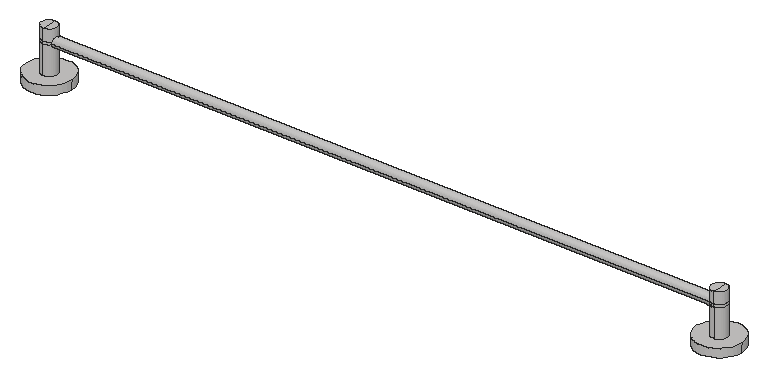
Revit family "Furniture_GroheLimited_EssentialsTowelRail800mm_40386000_METRICa", category Furniture, host Face, Revit 2015
Parameters (values of type "40386000")
  _DistributedBy = "www.bimstore.co.uk"
  _CurrentRevision = 1
  _CreatedBy = "www.bimstore.co.uk"
  _BimSpecGuid = 0
  _BSBibleVersion = 14
  _AuthorizedBy = "Kris Atkinson"
  _Author = "Ryan Lashley"
  WarrantyStartDate [instance] = "Please Record On Commissioning."
  WarrantyGuarantorParts = "info-uk@grohe.com"
  WarrantyGuarantorLabor = "info-uk@grohe.com"
  WarrantyDurationUnit = "Years"
  WarrantyDurationParts = "n/a"
  WarrantyDurationLabor = "n/a"
  WarrantyDescription = "n/a"
  URL = "www.grohe.com"
  TypeName = Model  # "Essentials Towel Rail"
  Type Comments = "40386000"
  SpareParts = "n/a"
  Size = "n/a"
  Shape = "n/a"
  SerialNumber [instance] = "Please Record On Commissioning."
  ReplacementCost = "n/a"
  ReferencedStandard = "n/a"
  ProductionYear = "2017"
  ProductPageURL = "http://www.grohe.co.uk/en_gb/essentials-towel-rail-40386000.html"
  ProductDocumentationLink = "http://www.grohe.co.uk/pim/profile/1000000/600000/00000/5000/100/121650.pdf"
  PrimaryMaterial = GroheLimited-Chorme
  Width = 54 mm
  Length = 854 mm
  Height = 60 mm
  PercentageOfRecycledContent = "n/a"
  NominalLength = 854 mm
  NominalHeight = 60 mm
  NominalDepth = 54 mm
  NBSReference = "45-35-72/372"
  NBSOfficeMasterTag = "n/a"
  NBSObjectName = "Grohe Limited - Towel rails"
  NBSNote = ""
  NBSDescription = "Towel rails"
  ModelReference = Model  # "Essentials Towel Rail"
  ModelNumber = Type Comments  # "40386000"
  Model = "Essentials Towel Rail"
  Material = "Chrome"
  MasterformatTitle = "Residential Faucets, Supplies, and Trim"
  MasterformatNumber = "22 41 39"
  ManufacturerName = "Grohe Limited"
  Manufacturer = "Grohe Limited"
  LowEmittingMaterial = no
  LEEDCredit = "n/a"
  Keynote = "N13"
  InstallationDate [instance] = "Please Record On Commissioning."
  IndustryStandards = "n/a"
  IfcExportType = "IfcPipeFittingType"
  IfcExportAs = "IfcPipeFitting"
  Grade = "n/a"
  Finish = Material  # "Chrome"
  Features = Description  # "800mm Grohe Essentials Towel Rail"
  ExpectedLife = 0
  Ecojoy = no
  DurationUnit = "Years"
  DocumentationTechnical = "n/a"
  DocumentationMaintenance = "n/a"
  DocumentationLiterature = "n/a"
  DocumentationInstallationGuide = "n/a"
  DocumentationCertificates = "n/a"
  Description = "800mm Grohe Essentials Towel Rail"
  Default Elevation = 0 mm
  CreatedOn = "2017-06-01T09:00:00"
  CreatedBy = "info-uk@grohe.com"
  Cost = 0
  Constituents = "n/a"
  Color = Material  # "Chrome"
  CodePerformance = "n/a"
  ClassificationValue = "Pr_40_20_76_90"
  ClassificationName = "Uniclass2015"
  BarCode [instance] = "Please Record On Commissioning."
  BIMObjectName = "Furniture_GroheLimited_EssentialsTowelRail800mm_40386000_METRIC"
  AssetType = "Fixed"
  AssetIdentifier [instance] = "Please Record On Commissioning."
  Assembly Code = "C1030220"
  AccessibilityPerformance = "n/a"
  ADACompliant = no
Types (10, lengths in mm): name | Type Comments | PrimaryMaterial | ModelNumber | Material | Finish | Color
  (no name) | "40386000" | GroheLimited-Chorme | "40386000" | "Chrome" | "Chrome" | "Chrome"
  40386000 | "40386000" | GroheLimited-Chorme | "40386000" | "Chrome" | "Chrome" | "Chrome"
  40386A01 | "40386A01" | GroheLimited-HardGraphite | "40386A01" | "Hard Graphite" | "Hard Graphite" | "Hard Graphite"
  40386AL1 | "40386AL1" | GroheLimited-BrushedHardGraphite | "40386AL1" | "Brushed Hard Graphite" | "Brushed Hard Graphite" | "Brushed Hard Graphite"
  40386BE1 | "40386BE1" | GroheLimited-Nickel | "40386BE1" | "Nickel" | "Nickel" | "Nickel"
  40386DA1 | "40386DA1" | GroheLimited-WarmSunset | "40386DA1" | "Warm Sunset" | "Warm Sunset" | "Warm Sunset"
  40386DL1 | "40386DL1" | GroheLimited-BrushedWarmSunset | "40386DL1" | "Brushed Warm Sunset" | "Brushed Warm Sunset" | "Brushed Warm Sunset"
  40386EN1 | "40386EN1" | GroheLimited-BrushedNickel | "40386EN1" | "Brushed Nickel" | "Brushed Nickel" | "Brushed Nickel"
  40386GL1 | "40386GL1" | GroheLimited-CoolSunrise | "40386GL1" | "Cool Sunrise" | "Cool Sunrise" | "Cool Sunrise"
  40386GN1 | "40386GN1" | GroheLimited-BrushedCoolSunrise | "40386GN1" | "Brushed Cool Sunrise" | "Brushed Cool Sunrise" | "Brushed Cool Sunrise"
Reference planes
  plane 1 "Center (Front/Back)": y = 0
  plane 2: z = 0
  plane 3 "Center (Left/Right)": x = 0
  plane 4: z = 0
  plane 5: x = -400
  plane 6: x = 400
Forms (mm)
  Extrusion 1, solid, material "GroheLimited-Chorme" <- "PrimaryMaterial", detail levels medium+fine
    sketch origin (0, -27, 0) x (1, 0, 0) y (0, 1, 0)
      loop
        circle (-400, 27) r 27
      loop
        circle (400, 27) r 27
    from 0 to 10
  Revolve 2, solid, material "GroheLimited-Chorme" <- "PrimaryMaterial", detail levels medium+fine
    sketch origin (-400, 27.019, 1219.2) x (0, 1, 0) y (0, 0, 1)
      loop
        line (-18.019, -1159.2) -> (-27.019, -1159.2) -> (-27.019, -1209.2) -> (-18.019, -1209.2) -> (-18.019, -1176.2) -> (-18.919, -1176.2) -> (-18.919, -1175.2) -> (-18.019, -1175.2) -> (-18.019, -1173.2) -> (-18.919, -1173.2) -> (-18.919, -1172.2) -> (-18.019, -1172.2) -> (-18.019, -1159.2)
      axis (-27.019, -1209.2) -> (-27.019, -1159.2)
    angle from 0 to 360
  Revolve 3, solid, material "GroheLimited-Chorme" <- "PrimaryMaterial", detail levels medium+fine
    sketch origin (400, 27.019, 1219.2) x (0, 1, 0) y (0, 0, 1)
      loop
        line (-18.019, -1159.2) -> (-27.019, -1159.2) -> (-27.019, -1209.2) -> (-18.019, -1209.2) -> (-18.019, -1176.2) -> (-18.919, -1176.2) -> (-18.919, -1175.2) -> (-18.019, -1175.2) -> (-18.019, -1173.2) -> (-18.919, -1173.2) -> (-18.919, -1172.2) -> (-18.019, -1172.2) -> (-18.019, -1159.2)
      axis (-27.019, -1209.2) -> (-27.019, -1159.2)
    angle from 0 to 360
  Extrusion 4, solid, material "GroheLimited-Chorme" <- "PrimaryMaterial", detail levels medium+fine
    sketch origin (-400, 27.019, 1219.2) x (0, 1, 0) y (0, 0, 1)
      loop
        circle (-27.019, -1174.2) r 6
    from 0 to 800
Cuts and joins
  joined: Extrusion 1, Revolve 2, Revolve 3, Extrusion 4
Dimensions and locks
  plane 5 to plane 3 "Center (Left/Right)" to plane 6 = 400 mm, 400 mm
  aligned and locked: plane 2 to host face
  aligned and locked: level to host face
  aligned and locked: plane 5 to Extrusion 1 sketch curve
  aligned and locked: plane 6 to Extrusion 1 sketch curve
  aligned and locked: plane 6 to Extrusion 4
